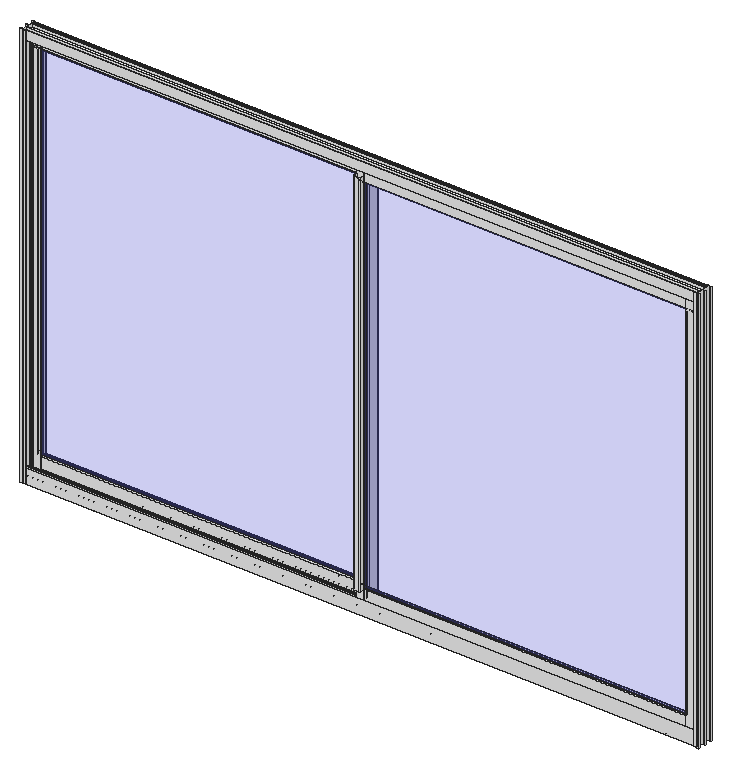
Revit family "Elite_Sliding_Window_XX_Standard", category Windows, host Wall, Revit 2014 (continued)
Types (109, lengths in mm): name | Windload Design | Width Sash Right | Width Sash Left | Width | Standard Interlocker | Sash Width Right | Sash Width Left | Sash Height | Overall Width | Overall Height | Outside Heavy Duty Interlocker | Max Pane Area | Limit Window Width Max | Limit Sash Width Left Min | Limit Sash Width Left Max | Intruderprufe U Value | Intruderprufe SHGC Value | Intruderprufe LowE U Value | Intruderprufe LowE SHGC Value | Interlocker Configuration | Height Sash | Inside Heavy Duty Interlocker | Height | Glazing Thickness | Energy Advantage U Value | Energy Advantage SHGC Value | Custom Window Width | Custom Window Height | Custom Windload | Clearvue U Value | Clearvue SHGC Value | Area Right Sash Glazing | Area Left Sash Glazing
  Elite-3012XX-1500Pa | 1500 | 447.9 | 447.9 | 2990 | no | 1497.9 | 1497.9 | 1107 | 890 | 590 | no | 1.45744 m² | 2994.2 | 1495.8 | 1500 | 6.32 | 0.637 | 4.69 | 0.56 | 1 | 507 | yes | 1190 | 4 | 4.83 | 0.602 | 2990 | 1190 | 1500 | 6.45 | 0.672 | 1.45744 m² | 1.45744 m²
  Elite-3012XX-2000Pa | 2000 | 447.9 | 447.9 | 2990 | no | 1497.9 | 1497.9 | 1107 | 890 | 590 | no | 1.45744 m² | 2994.2 | 1495.8 | 1500 | 6.32 | 0.637 | 4.69 | 0.56 | 1 | 507 | yes | 1190 | 4 | 4.83 | 0.602 | 2990 | 1190 | 2000 | 6.45 | 0.672 | 1.45744 m² | 1.45744 m²
  Elite-3015XX-1500Pa | 1500 | 447.9 | 447.9 | 2990 | no | 1497.9 | 1497.9 | 1407 | 890 | 590 | yes | 1.88821 m² | 2994.2 | 1495.8 | 1500 | 6.26 | 0.66 | 4.56 | 0.579 | 2 | 507 | yes | 1490 | 5 | 4.69 | 0.623 | 2990 | 1490 | 1500 | 6.38 | 0.695 | 1.88821 m² | 1.88821 m²
  Elite-3015XX-2000Pa | 2000 | 447.9 | 447.9 | 2990 | no | 1497.9 | 1497.9 | 1407 | 890 | 590 | yes | 1.88821 m² | 2994.2 | 1495.8 | 1500 | 6.26 | 0.66 | 4.56 | 0.579 | 2 | 507 | yes | 1490 | 5 | 4.69 | 0.623 | 2990 | 1490 | 2000 | 6.38 | 0.695 | 1.88821 m² | 1.88821 m²
